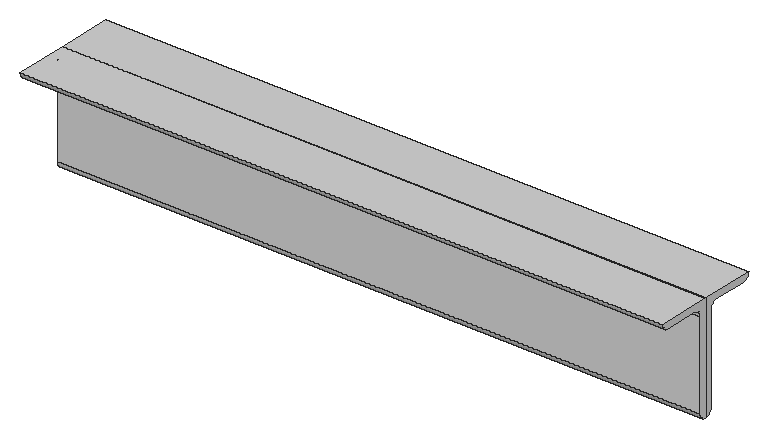
Revit family "0123_Steel Framing_2Ls-KSD3502", category Structural Framing, Revit 2023 (continued)
Types (599, lengths in mm): name | W | Legs | Space | b | d | t | y | A
  2L6X4X5/8LLBB | 39.9 | "LLBB" | 0.00 | 101.60 | 152.40 | 15.875 | 51.562 | 0.00754837 m²
  2L6X4X3/4X3/4LLBB | 47.2 | "LLBB" | 19.05 | 101.60 | 152.40 | 19.05 | 52.578 | 0.00896772 m²
  2L6X4X3/4X3/8LLBB | 47.2 | "LLBB" | 9.525 | 101.60 | 152.40 | 19.05 | 52.578 | 0.00896772 m²
  2L6X4X3/4LLBB | 47.2 | "LLBB" | 0.00 | 101.60 | 152.40 | 19.05 | 52.578 | 0.00896772 m²
  2L6X4X7/8X3/4LLBB | 54.3 | "LLBB" | 19.05 | 101.60 | 152.40 | 22.225 | 53.848 | 0.0103226 m²
  2L6X4X7/8X3/8LLBB | 54.3 | "LLBB" | 9.525 | 101.60 | 152.40 | 22.225 | 53.848 | 0.0103226 m²
  2L6X4X7/8LLBB | 54.3 | "LLBB" | 0.00 | 101.60 | 152.40 | 22.225 | 53.848 | 0.0103226 m²
  2L7X4X3/8X3/4LLBB | 27.2 | "LLBB" | 19.05 | 101.60 | 177.80 | 9.525 | 59.69 | 0.00516128 m²
  2L7X4X3/8X3/8LLBB | 27.2 | "LLBB" | 9.525 | 101.60 | 177.80 | 9.525 | 59.69 | 0.00516128 m²
  2L7X4X3/8LLBB | 27.2 | "LLBB" | 0.00 | 101.60 | 177.80 | 9.525 | 59.69 | 0.00516128 m²
  2L7X4X7/16X3/4LLBB | 31.5 | "LLBB" | 19.05 | 101.60 | 177.80 | 11.113 | 60.452 | 0.00598063 m²
  2L7X4X7/16X3/8LLBB | 31.5 | "LLBB" | 9.525 | 101.60 | 177.80 | 11.113 | 60.452 | 0.00598063 m²
  2L7X4X7/16LLBB | 31.5 | "LLBB" | 0.00 | 101.60 | 177.80 | 11.113 | 60.452 | 0.00598063 m²
  2L7X4X1/2X3/4LLBB | 35.8 | "LLBB" | 19.05 | 101.60 | 177.80 | 12.70 | 60.96 | 0.00677418 m²
  2L7X4X1/2X3/8LLBB | 35.8 | "LLBB" | 9.525 | 101.60 | 177.80 | 12.70 | 60.96 | 0.00677418 m²
  2L7X4X1/2LLBB | 35.8 | "LLBB" | 0.00 | 101.60 | 177.80 | 12.70 | 60.96 | 0.00677418 m²
  2L7X4X5/8X3/4LLBB | 44.2 | "LLBB" | 19.05 | 101.60 | 177.80 | 15.875 | 62.23 | 0.00838708 m²
  2L7X4X5/8X3/8LLBB | 44.2 | "LLBB" | 9.525 | 101.60 | 177.80 | 15.875 | 62.23 | 0.00838708 m²
  2L7X4X5/8LLBB | 44.2 | "LLBB" | 0.00 | 101.60 | 177.80 | 15.875 | 62.23 | 0.00838708 m²
  2L7X4X3/4X3/4LLBB | 52.4 | "LLBB" | 19.05 | 101.60 | 177.80 | 19.05 | 63.50 | 0.00993546 m²
  2L7X4X3/4X3/8LLBB | 52.4 | "LLBB" | 9.525 | 101.60 | 177.80 | 19.05 | 63.50 | 0.00993546 m²
  2L7X4X3/4LLBB | 52.4 | "LLBB" | 0.00 | 101.60 | 177.80 | 19.05 | 63.50 | 0.00993546 m²
  2L8X4X7/16X3/4LLBB | 34.8 | "LLBB" | 19.05 | 101.60 | 203.20 | 11.113 | 71.374 | 0.00658063 m²
  2L8X4X7/16X3/8LLBB | 34.8 | "LLBB" | 9.525 | 101.60 | 203.20 | 11.113 | 71.374 | 0.00658063 m²
  2L8X4X7/16LLBB | 34.8 | "LLBB" | 0.00 | 101.60 | 203.20 | 11.113 | 71.374 | 0.00658063 m²
  2L8X4X1/2X3/4LLBB | 39.5 | "LLBB" | 19.05 | 101.60 | 203.20 | 12.70 | 72.136 | 0.00748386 m²
  2L8X4X1/2X3/8LLBB | 39.5 | "LLBB" | 9.525 | 101.60 | 203.20 | 12.70 | 72.136 | 0.00748386 m²
  2L8X4X9/16X3/4LLBB | 44.1 | "LLBB" | 19.05 | 101.60 | 203.20 | 14.288 | 72.644 | 0.00838708 m²
  2L8X4X9/16X3/8LLBB | 44.1 | "LLBB" | 9.525 | 101.60 | 203.20 | 14.288 | 72.644 | 0.00838708 m²
  2L8X4X9/16LLBB | 44.1 | "LLBB" | 0.00 | 101.60 | 203.20 | 14.288 | 72.644 | 0.00838708 m²
  2L8X4X5/8X3/4LLBB | 48.7 | "LLBB" | 19.05 | 101.60 | 203.20 | 15.875 | 73.406 | 0.00922579 m²
  2L8X4X5/8X3/8LLBB | 48.7 | "LLBB" | 9.525 | 101.60 | 203.20 | 15.875 | 73.406 | 0.00922579 m²
  2L8X4X5/8LLBB | 48.7 | "LLBB" | 0.00 | 101.60 | 203.20 | 15.875 | 73.406 | 0.00922579 m²
  2L8X4X3/4X3/4LLBB | 57.8 | "LLBB" | 19.05 | 101.60 | 203.20 | 19.05 | 74.676 | 0.0109677 m²
  2L8X4X3/4X3/8LLBB | 57.8 | "LLBB" | 9.525 | 101.60 | 203.20 | 19.05 | 74.676 | 0.0109677 m²
  2L8X4X3/4LLBB | 57.8 | "LLBB" | 0.00 | 101.60 | 203.20 | 19.05 | 74.676 | 0.0109677 m²
  2L8X4X7/8X3/4LLBB | 66.6 | "LLBB" | 19.05 | 101.60 | 203.20 | 22.225 | 75.946 | 0.0126451 m²
  2L8X4X7/8X3/8LLBB | 66.6 | "LLBB" | 9.525 | 101.60 | 203.20 | 22.225 | 75.946 | 0.0126451 m²
  2L8X4X7/8LLBB | 66.6 | "LLBB" | 0.00 | 101.60 | 203.20 | 22.225 | 75.946 | 0.0126451 m²
  2L8X4X1X3/4LLBB | 75.2 | "LLBB" | 19.05 | 101.60 | 203.20 | 25.40 | 76.962 | 0.014258 m²
  2L8X4X1X3/8LLBB | 75.2 | "LLBB" | 9.525 | 101.60 | 203.20 | 25.40 | 76.962 | 0.014258 m²
  2L8X4X1LLBB | 75.2 | "LLBB" | 0.00 | 101.60 | 203.20 | 25.40 | 76.962 | 0.014258 m²
  2L8X6X7/16X3/4LLBB | 40.7 | "LLBB" | 19.05 | 152.40 | 203.20 | 11.113 | 61.722 | 0.00774192 m²
  2L8X6X7/16X3/8LLBB | 40.7 | "LLBB" | 9.525 | 152.40 | 203.20 | 11.113 | 61.722 | 0.00774192 m²
  2L8X6X7/16LLBB | 40.7 | "LLBB" | 0.00 | 152.40 | 203.20 | 11.113 | 61.722 | 0.00774192 m²
  2L8X6X1/2X3/4LLBB | 46.3 | "LLBB" | 19.05 | 152.40 | 203.20 | 12.70 | 62.484 | 0.00877418 m²
  2L8X6X1/2X3/8LLBB | 46.3 | "LLBB" | 9.525 | 152.40 | 203.20 | 12.70 | 62.484 | 0.00877418 m²
  2L8X6X1/2LLBB | 46.3 | "LLBB" | 0.00 | 152.40 | 203.20 | 12.70 | 62.484 | 0.00877418 m²
  2L8X6X9/16X3/4LLBB | 51.8 | "LLBB" | 19.05 | 152.40 | 203.20 | 14.288 | 62.992 | 0.00980643 m²
  2L8X6X9/16X3/8LLBB | 51.8 | "LLBB" | 9.525 | 152.40 | 203.20 | 14.288 | 62.992 | 0.00980643 m²
  2L8X6X9/16LLBB | 51.8 | "LLBB" | 0.00 | 152.40 | 203.20 | 14.288 | 62.992 | 0.00980643 m²
  2L8X6X5/8X3/4LLBB | 57.3 | "LLBB" | 19.05 | 152.40 | 203.20 | 15.875 | 63.50 | 0.0108387 m²
  2L8X6X5/8X3/8LLBB | 57.3 | "LLBB" | 9.525 | 152.40 | 203.20 | 15.875 | 63.50 | 0.0108387 m²
  2L8X6X5/8LLBB | 57.3 | "LLBB" | 0.00 | 152.40 | 203.20 | 15.875 | 63.50 | 0.0108387 m²
  2L8X6X3/4X3/4LLBB | 68 | "LLBB" | 19.05 | 152.40 | 203.20 | 19.05 | 64.77 | 0.0129032 m²
  2L8X6X3/4X3/8LLBB | 68 | "LLBB" | 9.525 | 152.40 | 203.20 | 19.05 | 64.77 | 0.0129032 m²
  2L8X6X3/4LLBB | 68 | "LLBB" | 0.00 | 152.40 | 203.20 | 19.05 | 64.77 | 0.0129032 m²
  2L8X6X7/8X3/4LLBB | 78.5 | "LLBB" | 19.05 | 152.40 | 203.20 | 22.225 | 66.04 | 0.0149032 m²
  2L8X6X7/8X3/8LLBB | 78.5 | "LLBB" | 9.525 | 152.40 | 203.20 | 22.225 | 66.04 | 0.0149032 m²
  2L8X6X7/8LLBB | 78.5 | "LLBB" | 0.00 | 152.40 | 203.20 | 22.225 | 66.04 | 0.0149032 m²
  2L8X6X1X3/4LLBB | 88.8 | "LLBB" | 19.05 | 152.40 | 203.20 | 25.40 | 67.31 | 0.0168387 m²
  2L8X6X1X3/8LLBB | 88.8 | "LLBB" | 9.525 | 152.40 | 203.20 | 25.40 | 67.31 | 0.0168387 m²
  2L8X6X1LLBB | 88.8 | "LLBB" | 0.00 | 152.40 | 203.20 | 25.40 | 67.31 | 0.0168387 m²
  2L2X2X1/8X3/4 | 3.34 | "Equal" | 19.05 | 50.80 | 50.80 | 3.175 | 13.564 | 0.000633547 m²
  2L2X2X1/8X3/8 | 3.34 | "Equal" | 9.525 | 50.80 | 50.80 | 3.175 | 13.564 | 0.000633547 m²
  2L2X2X1/8 | 3.34 | "Equal" | 0.00 | 50.80 | 50.80 | 3.175 | 13.564 | 0.000633547 m²
  2L2X2X3/16X3/4 | 4.91 | "Equal" | 19.05 | 50.80 | 50.80 | 4.763 | 14.249 | 0.00092903 m²
  2L2X2X3/16X3/8 | 4.91 | "Equal" | 9.525 | 50.80 | 50.80 | 4.763 | 14.249 | 0.00092903 m²
  2L2X2X3/16 | 4.91 | "Equal" | 0.00 | 50.80 | 50.80 | 4.763 | 14.249 | 0.00092903 m²
  2L2X2X1/4X3/4 | 6.43 | "Equal" | 19.05 | 50.80 | 50.80 | 6.35 | 14.884 | 0.00121935 m²
  2L2X2X1/4X3/8 | 6.43 | "Equal" | 9.525 | 50.80 | 50.80 | 6.35 | 14.884 | 0.00121935 m²
  2L2X2X1/4 | 6.43 | "Equal" | 0.00 | 50.80 | 50.80 | 6.35 | 14.884 | 0.00121935 m²
  2L2X2X5/16X3/4 | 7.89 | "Equal" | 19.05 | 50.80 | 50.80 | 7.938 | 15.469 | 0.00149677 m²
  2L2X2X5/16X3/8 | 7.89 | "Equal" | 9.525 | 50.80 | 50.80 | 7.938 | 15.469 | 0.00149677 m²
  2L2X2X5/16 | 7.89 | "Equal" | 0.00 | 50.80 | 50.80 | 7.938 | 15.469 | 0.00149677 m²
  2L2X2X3/8X3/4 | 9.3 | "Equal" | 19.05 | 50.80 | 50.80 | 9.525 | 16.053 | 0.00176129 m²
  2L2X2X3/8X3/8 | 9.3 | "Equal" | 9.525 | 50.80 | 50.80 | 9.525 | 16.053 | 0.00176129 m²
  2L2X2X3/8 | 9.3 | "Equal" | 0.00 | 50.80 | 50.80 | 9.525 | 16.053 | 0.00176129 m²
  2L2-1/2X2-1/2X3/16X3/4 | 6.13 | "Equal" | 19.05 | 63.50 | 63.50 | 4.763 | 17.45 | 0.00116129 m²
  2L2-1/2X2-1/2X3/16X3/8 | 6.13 | "Equal" | 9.525 | 63.50 | 63.50 | 4.763 | 17.45 | 0.00116129 m²
  2L2-1/2X2-1/2X3/16 | 6.13 | "Equal" | 0.00 | 63.50 | 63.50 | 4.763 | 17.45 | 0.00116129 m²
  2L2-1/2X2-1/2X1/4X3/4 | 8.07 | "Equal" | 19.05 | 63.50 | 63.50 | 6.35 | 18.059 | 0.00152903 m²
  2L2-1/2X2-1/2X1/4X3/8 | 8.07 | "Equal" | 9.525 | 63.50 | 63.50 | 6.35 | 18.059 | 0.00152903 m²
  2L2-1/2X2-1/2X1/4 | 8.07 | "Equal" | 0.00 | 63.50 | 63.50 | 6.35 | 18.059 | 0.00152903 m²
  2L2-1/2X2-1/2X5/16X3/4 | 10 | "Equal" | 19.05 | 63.50 | 63.50 | 7.938 | 18.669 | 0.00189032 m²
  2L2-1/2X2-1/2X5/16X3/8 | 10 | "Equal" | 9.525 | 63.50 | 63.50 | 7.938 | 18.669 | 0.00189032 m²
  2L2-1/2X2-1/2X5/16 | 10 | "Equal" | 0.00 | 63.50 | 63.50 | 7.938 | 18.669 | 0.00189032 m²
  2L2-1/2X2-1/2X3/8X3/4 | 11.8 | "Equal" | 19.05 | 63.50 | 63.50 | 9.525 | 19.253 | 0.00223871 m²
  2L2-1/2X2-1/2X3/8X3/8 | 11.8 | "Equal" | 9.525 | 63.50 | 63.50 | 9.525 | 19.253 | 0.00223871 m²
  2L2-1/2X2-1/2X3/8 | 11.8 | "Equal" | 0.00 | 63.50 | 63.50 | 9.525 | 19.253 | 0.00223871 m²
  2L2-1/2X2-1/2X1/2X3/4 | 15.3 | "Equal" | 19.05 | 63.50 | 63.50 | 12.70 | 20.396 | 0.00290322 m²
  2L2-1/2X2-1/2X1/2X3/8 | 15.3 | "Equal" | 9.525 | 63.50 | 63.50 | 12.70 | 20.396 | 0.00290322 m²
  2L2-1/2X2-1/2X1/2 | 15.3 | "Equal" | 0.00 | 63.50 | 63.50 | 12.70 | 20.396 | 0.00290322 m²
  2L3X3X3/16X3/4 | 7.41 | "Equal" | 19.05 | 76.20 | 76.20 | 4.763 | 20.625 | 0.00140645 m²
  2L3X3X3/16X3/8 | 7.41 | "Equal" | 9.525 | 76.20 | 76.20 | 4.763 | 20.625 | 0.00140645 m²
  2L3X3X3/16 | 7.41 | "Equal" | 0.00 | 76.20 | 76.20 | 4.763 | 20.625 | 0.00140645 m²
  2L3X3X1/4X3/4 | 9.77 | "Equal" | 19.05 | 76.20 | 76.20 | 6.35 | 21.234 | 0.00185161 m²
  2L3X3X1/4X3/8 | 9.77 | "Equal" | 9.525 | 76.20 | 76.20 | 6.35 | 21.234 | 0.00185161 m²
  2L3X3X1/4 | 9.77 | "Equal" | 0.00 | 76.20 | 76.20 | 6.35 | 21.234 | 0.00185161 m²
  2L3X3X5/16X3/4 | 12.1 | "Equal" | 19.05 | 76.20 | 76.20 | 7.938 | 21.844 | 0.00229032 m²
  2L3X3X5/16X3/8 | 12.1 | "Equal" | 9.525 | 76.20 | 76.20 | 7.938 | 21.844 | 0.00229032 m²
  2L3X3X5/16 | 12.1 | "Equal" | 0.00 | 76.20 | 76.20 | 7.938 | 21.844 | 0.00229032 m²
  2L3X3X3/8X3/4 | 14.3 | "Equal" | 19.05 | 76.20 | 76.20 | 9.525 | 22.454 | 0.00272258 m²
  2L3X3X3/8X3/8 | 14.3 | "Equal" | 9.525 | 76.20 | 76.20 | 9.525 | 22.454 | 0.00272258 m²
  2L3X3X3/8 | 14.3 | "Equal" | 0.00 | 76.20 | 76.20 | 9.525 | 22.454 | 0.00272258 m²
  2L3X3X7/16X3/4 | 16.6 | "Equal" | 19.05 | 76.20 | 76.20 | 11.113 | 23.038 | 0.00313548 m²
  2L3X3X7/16X3/8 | 16.6 | "Equal" | 9.525 | 76.20 | 76.20 | 11.113 | 23.038 | 0.00313548 m²
  2L3X3X7/16 | 16.6 | "Equal" | 0.00 | 76.20 | 76.20 | 11.113 | 23.038 | 0.00313548 m²
  2L3X3X1/2X3/4 | 18.7 | "Equal" | 19.05 | 76.20 | 76.20 | 12.70 | 23.597 | 0.00354838 m²
  2L3X3X1/2X3/8 | 18.7 | "Equal" | 9.525 | 76.20 | 76.20 | 12.70 | 23.597 | 0.00354838 m²
  2L3X3X1/2 | 18.7 | "Equal" | 0.00 | 76.20 | 76.20 | 12.70 | 23.597 | 0.00354838 m²
  2L3-1/2X3-1/2X1/4X3/4 | 11.6 | "Equal" | 19.05 | 88.90 | 88.90 | 6.35 | 24.232 | 0.0022 m²
  2L3-1/2X3-1/2X1/4X3/8 | 11.6 | "Equal" | 9.525 | 88.90 | 88.90 | 6.35 | 24.232 | 0.0022 m²
  2L3-1/2X3-1/2X1/4 | 11.6 | "Equal" | 0.00 | 88.90 | 88.90 | 6.35 | 24.232 | 0.0022 m²
  2L3-1/2X3-1/2X5/16X3/4 | 14.3 | "Equal" | 19.05 | 88.90 | 88.90 | 7.938 | 24.867 | 0.00271612 m²
  2L3-1/2X3-1/2X5/16X3/8 | 14.3 | "Equal" | 9.525 | 88.90 | 88.90 | 7.938 | 24.867 | 0.00271612 m²
  2L3-1/2X3-1/2X5/16 | 14.3 | "Equal" | 0.00 | 88.90 | 88.90 | 7.938 | 24.867 | 0.00271612 m²
  2L3-1/2X3-1/2X3/8X3/4 | 17 | "Equal" | 19.05 | 88.90 | 88.90 | 9.525 | 25.40 | 0.0032258 m²
  2L3-1/2X3-1/2X3/8X3/8 | 17 | "Equal" | 9.525 | 88.90 | 88.90 | 9.525 | 25.40 | 0.0032258 m²
  2L3-1/2X3-1/2X3/8 | 17 | "Equal" | 0.00 | 88.90 | 88.90 | 9.525 | 25.40 | 0.0032258 m²
  2L3-1/2X3-1/2X7/16X3/4 | 19.6 | "Equal" | 19.05 | 88.90 | 88.90 | 11.113 | 26.162 | 0.00372257 m²
  2L3-1/2X3-1/2X7/16X3/8 | 19.6 | "Equal" | 9.525 | 88.90 | 88.90 | 11.113 | 26.162 | 0.00372257 m²
  2L3-1/2X3-1/2X7/16 | 19.6 | "Equal" | 0.00 | 88.90 | 88.90 | 11.113 | 26.162 | 0.00372257 m²
  2L3-1/2X3-1/2X1/2X3/4 | 22.2 | "Equal" | 19.05 | 88.90 | 88.90 | 12.70 | 26.67 | 0.00421289 m²
  2L3-1/2X3-1/2X1/2X3/8 | 22.2 | "Equal" | 9.525 | 88.90 | 88.90 | 12.70 | 26.67 | 0.00421289 m²
  2L3-1/2X3-1/2X1/2 | 22.2 | "Equal" | 0.00 | 88.90 | 88.90 | 12.70 | 26.67 | 0.00421289 m²
  2L4X4X1/4X3/4 | 13.2 | "Equal" | 19.05 | 101.60 | 101.60 | 6.35 | 27.432 | 0.00249677 m²
  2L4X4X1/4X3/8 | 13.2 | "Equal" | 9.525 | 101.60 | 101.60 | 6.35 | 27.432 | 0.00249677 m²
  2L4X4X1/4 | 13.2 | "Equal" | 0.00 | 101.60 | 101.60 | 6.35 | 27.432 | 0.00249677 m²
  2L4X4X5/16X3/4 | 16.3 | "Equal" | 19.05 | 101.60 | 101.60 | 7.938 | 28.194 | 0.00309677 m²
  2L4X4X5/16X3/8 | 16.3 | "Equal" | 9.525 | 101.60 | 101.60 | 7.938 | 28.194 | 0.00309677 m²
  2L4X4X5/16 | 16.3 | "Equal" | 0.00 | 101.60 | 101.60 | 7.938 | 28.194 | 0.00309677 m²
  2L4X4X3/8X3/4 | 19.4 | "Equal" | 19.05 | 101.60 | 101.60 | 9.525 | 28.702 | 0.00368386 m²
  2L4X4X3/8X3/8 | 19.4 | "Equal" | 9.525 | 101.60 | 101.60 | 9.525 | 28.702 | 0.00368386 m²
  2L4X4X3/8 | 19.4 | "Equal" | 0.00 | 101.60 | 101.60 | 9.525 | 28.702 | 0.00368386 m²
  2L4X4X7/16X3/4 | 22.5 | "Equal" | 19.05 | 101.60 | 101.60 | 11.113 | 29.21 | 0.00426451 m²
  2L4X4X7/16X3/8 | 22.5 | "Equal" | 9.525 | 101.60 | 101.60 | 11.113 | 29.21 | 0.00426451 m²
  2L4X4X7/16 | 22.5 | "Equal" | 0.00 | 101.60 | 101.60 | 11.113 | 29.21 | 0.00426451 m²
  2L4X4X1/2X3/4 | 25.5 | "Equal" | 19.05 | 101.60 | 101.60 | 12.70 | 29.972 | 0.00483225 m²
  2L4X4X1/2X3/8 | 25.5 | "Equal" | 9.525 | 101.60 | 101.60 | 12.70 | 29.972 | 0.00483225 m²
  2L4X4X1/2 | 25.5 | "Equal" | 0.00 | 101.60 | 101.60 | 12.70 | 29.972 | 0.00483225 m²
  2L4X4X5/8X3/4 | 31.3 | "Equal" | 19.05 | 101.60 | 101.60 | 15.875 | 30.988 | 0.00594192 m²
  2L4X4X5/8X3/8 | 31.3 | "Equal" | 9.525 | 101.60 | 101.60 | 15.875 | 30.988 | 0.00594192 m²
  2L4X4X5/8 | 31.3 | "Equal" | 0.00 | 101.60 | 101.60 | 15.875 | 30.988 | 0.00594192 m²
  2L4X4X3/4X3/4 | 37 | "Equal" | 19.05 | 101.60 | 101.60 | 19.05 | 32.258 | 0.00703224 m²
  2L4X4X3/4X3/8 | 37 | "Equal" | 9.525 | 101.60 | 101.60 | 19.05 | 32.258 | 0.00703224 m²
  2L4X4X3/4 | 37 | "Equal" | 0.00 | 101.60 | 101.60 | 19.05 | 32.258 | 0.00703224 m²
  2L5X5X5/16X3/4 | 20.9 | "Equal" | 19.05 | 127.00 | 127.00 | 7.938 | 34.29 | 0.00395483 m²
  2L5X5X5/16X3/8 | 20.9 | "Equal" | 9.525 | 127.00 | 127.00 | 7.938 | 34.29 | 0.00395483 m²
  2L5X5X5/16 | 20.9 | "Equal" | 0.00 | 127.00 | 127.00 | 7.938 | 34.29 | 0.00395483 m²
  2L5X5X3/8X3/4 | 24.8 | "Equal" | 19.05 | 127.00 | 127.00 | 9.525 | 34.798 | 0.00470967 m²
  2L5X5X3/8X3/8 | 24.8 | "Equal" | 9.525 | 127.00 | 127.00 | 9.525 | 34.798 | 0.00470967 m²
  2L5X5X3/8 | 24.8 | "Equal" | 0.00 | 127.00 | 127.00 | 9.525 | 34.798 | 0.00470967 m²
  2L5X5X7/16X3/4 | 28.7 | "Equal" | 19.05 | 127.00 | 127.00 | 11.113 | 35.56 | 0.00544515 m²
  2L5X5X7/16X3/8 | 28.7 | "Equal" | 9.525 | 127.00 | 127.00 | 11.113 | 35.56 | 0.00544515 m²
  2L5X5X7/16 | 28.7 | "Equal" | 0.00 | 127.00 | 127.00 | 11.113 | 35.56 | 0.00544515 m²
  2L5X5X1/2X3/4 | 32.6 | "Equal" | 19.05 | 127.00 | 127.00 | 12.70 | 36.068 | 0.00618063 m²
  2L5X5X1/2X3/8 | 32.6 | "Equal" | 9.525 | 127.00 | 127.00 | 12.70 | 36.068 | 0.00618063 m²
  2L5X5X1/2 | 32.6 | "Equal" | 0.00 | 127.00 | 127.00 | 12.70 | 36.068 | 0.00618063 m²
  2L5X5X5/8X3/4 | 40.1 | "Equal" | 19.05 | 127.00 | 127.00 | 15.875 | 37.338 | 0.00761289 m²
  2L5X5X5/8X3/8 | 40.1 | "Equal" | 9.525 | 127.00 | 127.00 | 15.875 | 37.338 | 0.00761289 m²
  2L5X5X5/8 | 40.1 | "Equal" | 0.00 | 127.00 | 127.00 | 15.875 | 37.338 | 0.00761289 m²
  2L5X5X3/4X3/4 | 47.5 | "Equal" | 19.05 | 127.00 | 127.00 | 19.05 | 38.608 | 0.00903224 m²
  2L5X5X3/4X3/8 | 47.5 | "Equal" | 9.525 | 127.00 | 127.00 | 19.05 | 38.608 | 0.00903224 m²
  2L5X5X3/4 | 47.5 | "Equal" | 0.00 | 127.00 | 127.00 | 19.05 | 38.608 | 0.00903224 m²
  2L5X5X7/8X3/4 | 54.6 | "Equal" | 19.05 | 127.00 | 127.00 | 22.225 | 39.624 | 0.0103226 m²
  2L5X5X7/8X3/8 | 54.6 | "Equal" | 9.525 | 127.00 | 127.00 | 22.225 | 39.624 | 0.0103226 m²
  2L5X5X7/8 | 54.6 | "Equal" | 0.00 | 127.00 | 127.00 | 22.225 | 39.624 | 0.0103226 m²
  2L6X6X5/16X3/4 | 25 | "Equal" | 19.05 | 152.40 | 152.40 | 7.938 | 40.64 | 0.00473547 m²
  2L6X6X5/16X3/8 | 25 | "Equal" | 9.525 | 152.40 | 152.40 | 7.938 | 40.64 | 0.00473547 m²
  2L6X6X5/16 | 25 | "Equal" | 0.00 | 152.40 | 152.40 | 7.938 | 40.64 | 0.00473547 m²
  2L6X6X3/8X3/4 | 29.8 | "Equal" | 19.05 | 152.40 | 152.40 | 9.525 | 41.148 | 0.0056516 m²
  2L6X6X3/8X3/8 | 29.8 | "Equal" | 9.525 | 152.40 | 152.40 | 9.525 | 41.148 | 0.0056516 m²
  2L6X6X3/8 | 29.8 | "Equal" | 0.00 | 152.40 | 152.40 | 9.525 | 41.148 | 0.0056516 m²
  2L6X6X7/16X3/4 | 34.6 | "Equal" | 19.05 | 152.40 | 152.40 | 11.113 | 41.91 | 0.00658063 m²
  2L6X6X7/16X3/8 | 34.6 | "Equal" | 9.525 | 152.40 | 152.40 | 11.113 | 41.91 | 0.00658063 m²
  2L6X6X7/16 | 34.6 | "Equal" | 0.00 | 152.40 | 152.40 | 11.113 | 41.91 | 0.00658063 m²
  2L6X6X1/2X3/4 | 39.3 | "Equal" | 19.05 | 152.40 | 152.40 | 12.70 | 42.418 | 0.00741934 m²
  2L6X6X1/2X3/8 | 39.3 | "Equal" | 9.525 | 152.40 | 152.40 | 12.70 | 42.418 | 0.00741934 m²
  2L6X6X1/2 | 39.3 | "Equal" | 0.00 | 152.40 | 152.40 | 12.70 | 42.418 | 0.00741934 m²
  2L6X6X9/16X3/4 | 43.9 | "Equal" | 19.05 | 152.40 | 152.40 | 14.288 | 43.18 | 0.00832256 m²
  2L6X6X9/16X3/8 | 43.9 | "Equal" | 9.525 | 152.40 | 152.40 | 14.288 | 43.18 | 0.00832256 m²
  2L6X6X9/16 | 43.9 | "Equal" | 0.00 | 152.40 | 152.40 | 14.288 | 43.18 | 0.00832256 m²
  2L6X6X5/8X3/4 | 48.5 | "Equal" | 19.05 | 152.40 | 152.40 | 15.875 | 43.688 | 0.00922579 m²
  2L6X6X5/8X3/8 | 48.5 | "Equal" | 9.525 | 152.40 | 152.40 | 15.875 | 43.688 | 0.00922579 m²
  2L6X6X5/8 | 48.5 | "Equal" | 0.00 | 152.40 | 152.40 | 15.875 | 43.688 | 0.00922579 m²
  2L6X6X3/4X3/4 | 57.6 | "Equal" | 19.05 | 152.40 | 152.40 | 19.05 | 44.958 | 0.0109032 m²
  2L6X6X3/4X3/8 | 57.6 | "Equal" | 9.525 | 152.40 | 152.40 | 19.05 | 44.958 | 0.0109032 m²
  2L6X6X3/4 | 57.6 | "Equal" | 0.00 | 152.40 | 152.40 | 19.05 | 44.958 | 0.0109032 m²
  2L6X6X7/8X3/4 | 66.4 | "Equal" | 19.05 | 152.40 | 152.40 | 22.225 | 45.974 | 0.0125806 m²
  2L6X6X7/8X3/8 | 66.4 | "Equal" | 9.525 | 152.40 | 152.40 | 22.225 | 45.974 | 0.0125806 m²
  2L6X6X7/8 | 66.4 | "Equal" | 0.00 | 152.40 | 152.40 | 22.225 | 45.974 | 0.0125806 m²
  2L6X6X1X3/4 | 75 | "Equal" | 19.05 | 152.40 | 152.40 | 25.40 | 47.244 | 0.0141935 m²
  2L6X6X1X3/8 | 75 | "Equal" | 9.525 | 152.40 | 152.40 | 25.40 | 47.244 | 0.0141935 m²
  2L6X6X1 | 75 | "Equal" | 0.00 | 152.40 | 152.40 | 25.40 | 47.244 | 0.0141935 m²
  2L8X8X1/2X3/4 | 53.3 | "Equal" | 19.05 | 203.20 | 203.20 | 12.70 | 55.118 | 0.010129 m²
  2L8X8X1/2X3/8 | 53.3 | "Equal" | 9.525 | 203.20 | 203.20 | 12.70 | 55.118 | 0.010129 m²
  2L8X8X1/2 | 53.3 | "Equal" | 0.00 | 203.20 | 203.20 | 12.70 | 55.118 | 0.010129 m²
  2L8X8X9/16X3/4 | 59.7 | "Equal" | 19.05 | 203.20 | 203.20 | 14.288 | 55.626 | 0.0112903 m²
  2L8X8X9/16X3/8 | 59.7 | "Equal" | 9.525 | 203.20 | 203.20 | 14.288 | 55.626 | 0.0112903 m²
  2L8X8X9/16 | 59.7 | "Equal" | 0.00 | 203.20 | 203.20 | 14.288 | 55.626 | 0.0112903 m²
  2L8X8X5/8X3/4 | 66 | "Equal" | 19.05 | 203.20 | 203.20 | 15.875 | 56.134 | 0.0125161 m²
  2L8X8X5/8X3/8 | 66 | "Equal" | 9.525 | 203.20 | 203.20 | 15.875 | 56.134 | 0.0125161 m²
  2L8X8X5/8 | 66 | "Equal" | 0.00 | 203.20 | 203.20 | 15.875 | 56.134 | 0.0125161 m²
  2L8X8X3/4X3/4 | 78.4 | "Equal" | 19.05 | 203.20 | 203.20 | 19.05 | 57.404 | 0.0148387 m²
  2L8X8X3/4X3/8 | 78.4 | "Equal" | 9.525 | 203.20 | 203.20 | 19.05 | 57.404 | 0.0148387 m²
  2L8X8X3/4 | 78.4 | "Equal" | 0.00 | 203.20 | 203.20 | 19.05 | 57.404 | 0.0148387 m²
  2L8X8X7/8X3/4 | 90.6 | "Equal" | 19.05 | 203.20 | 203.20 | 22.225 | 58.674 | 0.0171613 m²
  2L8X8X7/8X3/8 | 90.6 | "Equal" | 9.525 | 203.20 | 203.20 | 22.225 | 58.674 | 0.0171613 m²
  2L8X8X7/8 | 90.6 | "Equal" | 0.00 | 203.20 | 203.20 | 22.225 | 58.674 | 0.0171613 m²
  2L8X8X1X3/4 | 103 | "Equal" | 19.05 | 203.20 | 203.20 | 25.40 | 59.944 | 0.0194838 m²
  2L8X8X1X3/8 | 103 | "Equal" | 9.525 | 203.20 | 203.20 | 25.40 | 59.944 | 0.0194838 m²
  2L8X8X1-1/8X3/4 | 114 | "Equal" | 19.05 | 203.20 | 203.20 | 28.575 | 60.96 | 0.0216774 m²
  2L8X8X1-1/8X3/8 | 114 | "Equal" | 9.525 | 203.20 | 203.20 | 28.575 | 60.96 | 0.0216774 m²
  2L8X8X1-1/8 | 114 | "Equal" | 0.00 | 203.20 | 203.20 | 28.575 | 60.96 | 0.0216774 m²
  2L5X5X1/2_HBR1 | 32.6 | "Equal" | 0.00 | 127.00 | 127.00 | 12.70 | 36.068 | 0.00618063 m²
  2L5X5X1/2_HBR4 | 32.6 | "Equal" | 0.00 | 127.00 | 127.00 | 12.70 | 36.068 | 0.00618063 m²
